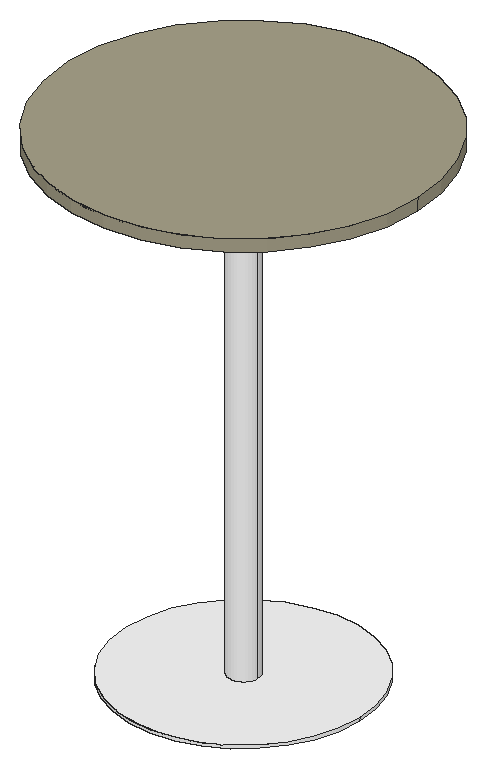
Revit family "Table-Casual-Teknion-ATCCC-Circular_Cafe-R2018", category Furniture, Revit 2018
Family settings
  OmniClass Number = 23.40.20.00
  OmniClass Title = General Furniture and Specialties
  Work Plane-Based = No
  Always vertical = Yes
  Cut with Voids When Loaded = No
  Shared = Yes
  Room Calculation Point = No
Parameters (values of type "30" Diameter")
  Worksurface Finish [instance] = Flintwood - Teknion - FX - Flax
  Warranty = "http://www.teknion.com/ca/papers/legal-canada"
  Unit Weight URL = "http://www.teknion.com/ca/tools/assets#&asset=bee6a381-b954-425e-8283-5a2de3a804f2,f828d448-4b62-4231-9e5f-9a8991c0ed77"
  URL = "www.teknion.com"
  Sustainability Data = "http://www.teknion.com/ca/tools/assets#&topic=216f99a5-57a0-44fc-b10a-9dee9b29ae4c&asset=444deb64-fe58-4b68-981e-f75e97781df7"
  Series = "Tables & Collaborative Spaces"  # constant formula
  Radius = Diameter / 2  # 15.000"
  Product Page URL = "http://www.teknion.com/ca/products/product-details?productlineid=a687336e-8e7a-673b-a6c8-ff00004460c4"
  Product Line = "Tables & Collaborative Spaces"  # constant formula
  Product Documentation Link = "http://www.teknion.com/pricing/tables/pdfs/ATCCC_ppg.pdf"
  Part Number = "ATCCC"  # constant formula
  Model = "ATCCC30"
  Manufacturer Phone = "416-661-3370"  # constant formula
  Manufacturer Fax = "416.661.4586"  # constant formula
  Manufacturer Contact Information = "http://www.teknion.com/ca/contactus"
  Manufacturer Address = "1150 Flint Road, Toronto, ON. M3J 2J5. Canada"  # constant formula
  Manufacturer = "Teknion"  # constant formula
  Diameter = 30.000"
  Description = "Circular Cafe Table, 30\" Diameter"
  Base Finish [instance] = Mica - Teknion - V - Satin - Very White
  Assembly Code = "E2020200"
Types (2): name | Radius | Model | Diameter | Description
  24" Diameter | 12.000" | "ATCCC24" | 24.000" | "Circular Cafe Table, 24\" Diameter"
  30" Diameter | 15.000" | "ATCCC30" | 30.000" | "Circular Cafe Table, 30\" Diameter"
Reference planes (in)
  plane 1 "Center Front/Back": y = 0
  plane 2: z = 0
  plane 3 "Center Left/Right": x = 0
  plane 4 "Left": x = -15
  plane 5 "Right": x = 15
  plane 6 "Back": y = 15
  plane 7 "Front": y = -15
  plane 8 "Top": z = 42
  plane 9: z = 0.25
  plane 10: z = 40.9
  plane 11: z = 41
Forms (in)
  Extrusion 1, solid, material "Mica - Teknion - V - Satin - Very White" <- "Base Finish"
    sketch origin (0, 0, 0) x (1, 0, 0) y (0, 1, 0)
      loop
        circle (0.001, -0.00069) r 9.99323
    from 0 to 0.25
  Extrusion 2, solid, material "Mica - Teknion - V - Satin - Very White" <- "Base Finish"
    sketch origin (0, 0, 0) x (1, 0, 0) y (0, 1, 0)
      loop
        circle (0, -0.00009) r 1.26493
    from 0.25 to 40.9
  Extrusion 3, solid, material "Mica - Teknion - V - Satin - Very White" <- "Base Finish"
    sketch origin (0, 0, 0) x (1, 0, 0) y (0, 1, 0)
      loop
        line (-5, 5) -> (-5, -5) -> (5, -5) -> (5, 5) -> (-5, 5)
    from 40.9 to 41
  Extrusion 4, solid, material "Flintwood - Teknion - FX - Flax" <- "Worksurface Finish"
    sketch origin (0, 0, 0) x (1, 0, 0) y (0, 1, 0)
      loop
        circle (0, -0.0011) r 15
    from 41 to 42
Lines and regions (in)
  Masking region 1
    outline origin (0, 0, 0) x (1, 0, 0) y (0, 1, 0)
      loop
        circle (0, -0.0011) r 15
  symbolic lines, style "FurnitureHiddenLines", detail levels fine
    curve 1: arc (9.99422, -0.00069, 0) -> (0.001, 9.99254, 0) -> (-9.99223, -0.00069, 0) r 9.99323
    curve 2: arc (-9.99223, -0.00069, 0) -> (0.001, -9.99392, 0) -> (9.99422, -0.00069, 0) r 9.99323
    curve 7: arc (1.26493, -0.00009, 0) -> (0, 1.26485, 0) -> (-1.26493, -0.00009, 0) r 1.26493
    curve 8: arc (-1.26493, -0.00009, 0) -> (0, -1.26502, 0) -> (1.26493, -0.00009, 0) r 1.26493
  symbolic lines, style "FurnitureHiddenLines", detail levels medium+fine
    curve 3: line (5, 5, 0) -> (-5, 5, 0)
    curve 4: line (-5, 5, 0) -> (-5, -5, 0)
    curve 5: line (-5, -5, 0) -> (5, -5, 0)
    curve 6: line (5, -5, 0) -> (5, 5, 0)
Dimensions and locks (in)
  "Diameter": plane 4 "Left" to plane 5 "Right"
  "Diameter": plane 6 "Back" to plane 7 "Front"
  locked: plane 8 "Top" to level at 42
  locked: plane 9 to plane 2 at 0.25
  locked: plane 3 "Center Left/Right" to Extrusion 2 sketch curve at 0
  locked: Extrusion 2 sketch curve to plane 1 "Center Front/Back" at 0.00009
  locked: plane 11 to plane 10 at 0.1
  locked: plane 8 "Top" to plane 11 at 1
  equal spacing: plane 6 "Back", plane 1 "Center Front/Back", plane 7 "Front"
  locked: Extrusion 1 sketch curve to plane 1 "Center Front/Back" at 0.00069
  Extrusion 3 sketch curve to plane 3 "Center Left/Right" to Extrusion 3 sketch curve = 5.000" locked, 5.000" locked
  Extrusion 3 sketch curve to plane 1 "Center Front/Back" to Extrusion 3 sketch curve = 5.000" locked, 5.000" locked
  equal spacing: plane 4 "Left", plane 3 "Center Left/Right", plane 5 "Right"
  locked: plane 3 "Center Left/Right" to Extrusion 1 sketch curve at 0.001
  locked: plane 3 "Center Left/Right" to Extrusion 4 sketch curve at 0
  locked: Extrusion 4 sketch curve to plane 1 "Center Front/Back" at 0.0011
  "Radius": radius of Extrusion 4 sketch curve
  aligned and locked: level to plane 2
  aligned and locked: Extrusion 1 to plane 9
  aligned and locked: Extrusion 1 to plane 2
  aligned and locked: plane 9 to Extrusion 2
  aligned and locked: Extrusion 2 to plane 10
  aligned and locked: Extrusion 3 to plane 11
  aligned and locked: plane 10 to Extrusion 3
  aligned and locked: plane 8 "Top" to Extrusion 4
  aligned and locked: Extrusion 4 to plane 11
  aligned and locked: Masking region 1 sketch curve to Extrusion 4  (x2)
  aligned and locked: curve 1 to Extrusion 1
  aligned and locked: curve 2 to Extrusion 1
  aligned and locked: curve 7 to Extrusion 2
  aligned and locked: curve 8 to Extrusion 2
  aligned and locked: curve 5 to Extrusion 3
Automatic sketch dimensions
  curve 4 to plane 3 "Center Left/Right" = 5.000"
  plane 3 "Center Left/Right" to curve 5 = 5.000"
  curve 3 to plane 1 "Center Front/Back" = 5.000"
  radius of Extrusion 1 sketch curve = 9.99323"
  radius of Extrusion 2 sketch curve = 1.26493"
